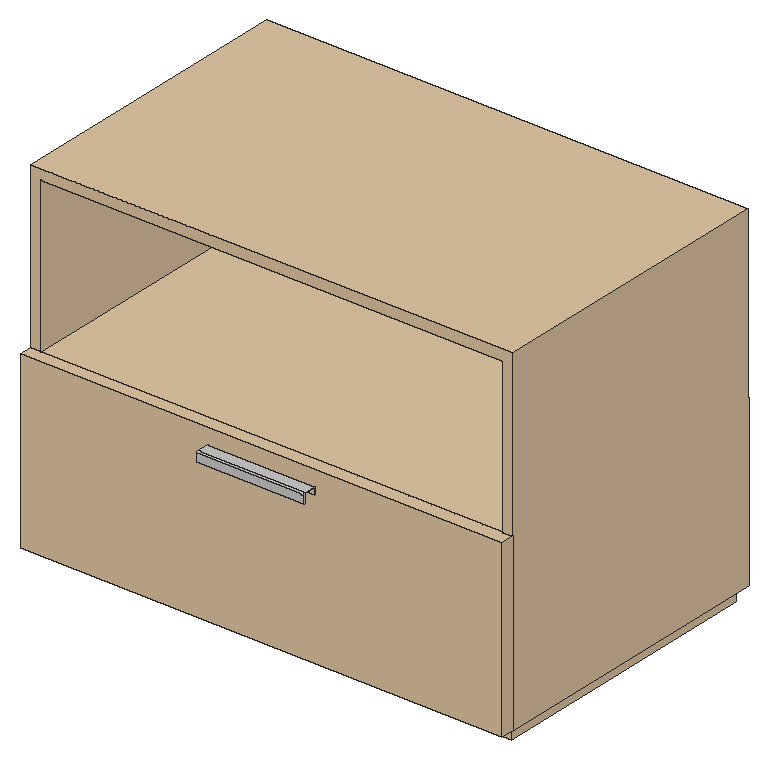
Revit family
Parameters (values of type "2 High - 36" x 24"")
  Width = 36"
  Warranty = "www.haworth.com/en-us/Products/Pages/Certifications.aspx"
  URL - Product = "www.haworth.com/en-us/Products/Furniture/Systems/Panel-Systems/Pages/Compose.aspx"
  Top Spacer = no
  Sustainability Info = "www.haworth.com/en-us/About-Us/Sustainability/Pages/Vision.aspx"
  Spacer Finish = Haworth - Wood - Light Maple VP-LM
  Side Panel Base = not(or(Plynth Base, Chamfer Legs))  # yes
  Plynth Base = no
  Patterns Pull = not(or(Linear Pull, J Pull, Crescent Pull, Classic Pull))  # yes
  Model = "Compose"
  Min. Depth = 17"  # constant formula
  Max. Depth = 23"  # constant formula
  Linear Pull = no
  LEED Data = "www.haworth.com/_layouts/Haworth.ProductCatalog/Handlers/GetAsset.ashx/ComposeLEEDContributions.pdf?cid=27&rid=1824&type=Leed"
  J Pull = no
  Door Finish = Haworth - Wood - Light Maple VP-LM
  Description = "Compose Open Shelf Lateral File"  # constant formula
  Depth = 24"
  URL = "www.haworth.com"
  Size = "Verify Final Dim. w/ Haworth"  # constant formula
  Revision Number = "2"  # constant formula
  Min. Width = 30"  # constant formula
  Max. Width = 36"  # constant formula
  Min. Height = 19"  # constant formula
  Max. Height = 55"  # constant formula
  Manufacturer = "Haworth"  # constant formula
  Drawer Width = Actual Width  # 36"
  Drawer Height = 13"  # constant formula
  Custom Size = not(and(or(Width = 30", Width = 36"), or(Depth = 17", Depth = 23")))  # yes
  Crescent Pull = no
  Classic Pull = no
  Chamfer Legs = no
  Spacer Height = if(Top Spacer, 1 1/4", 0")  # 0"
  Cabinet Finish = Haworth - Wood - Light Maple VP-LM
  Base Height = if(Side Panel Base, 1", 1 1/4")  # 1"
  Base Finish = Haworth - Wood - Light Maple VP-LM
  Base = not(Chamfer Legs)  # yes
  Author = "SHAPE Environments, LLC"  # constant formula
  Assembly Code = "E2020200"
  Actual Width = if(Width > Max. Width, Max. Width, if(Width < Min. Width, Min. Width, Width))  # 36"
  Actual Height = if(Top Spacer, 26 1/4" + 1 1/4", 26 1/4")  # 26 1/4"
  Standard Widths = "30, 36 in."  # constant formula
  Standard Depths = "18, 24 in."  # constant formula
  Actual Depth = if(Depth > Max. Depth, Max. Depth, if(Depth < Min. Depth, Min. Depth, Depth - 1"))  # 23"
Types (4): name | Width | Depth | Drawer Width | Actual Width | Actual Depth
  2 High - 36" x 24" | 36" | 24" | 36" | 36" | 23"
  2 High - 36" x 18" | 36" | 18" | 36" | 36" | 17"
  2 High - 30" x 24" | 30" | 24" | 30" | 30" | 23"
  2 High - 30" x 18" | 30" | 18" | 30" | 30" | 17"
Reference planes (in)
  plane 1 "Center F/B": y = 2.5
  plane 2 "Unit Bottom": z = 1
  plane 3 "Center L/R": x = 0.00055
  plane 4 "Unit Top": z = 26.25
  plane 5 "Base Bottom": z = 0
  plane 6 "Unit Left Edge": x = -17.99945
  plane 7 "Right": x = 18.00055
  plane 8 "Base Right Edge": x = 17.50055
  plane 9 "Left": x = -17.49945
  plane 10 "Base Rear Edge": y = 13
  plane 11 "Back": y = 13.5
  plane 12 "Base Front Edge": y = -8
  plane 13 "Face of Cabinet": y = -8.5
  plane 14 "Left Interior": x = -17.24918
  plane 15 "Right Interior": x = 17.25027
  plane 16 "Back Panel Inside": y = 12.75
  plane 17 "Cabinet Interior Top": z = 25.5
  plane 18 "Cabinet Interior Bottom": z = 1.75
  plane 19: z = 26.25
  plane 20: y = -9.5
Forms (in)
  Extrusion 1, solid, material "Haworth - Wood - Light Maple VP-LM" <- "Base Finish", visible <- "Base"
    sketch origin (0, 0, 0) x (1, 0, 0) y (0, 1, 0)
      loop
        line (17.50055, 13) -> (-17.49945, 13) -> (-17.49945, -8) -> (17.50055, -8) -> (17.50055, 13)
    from 0 to 1
  Extrusion 2, solid, material "Haworth - Wood - Light Maple VP-LM" <- "Cabinet Finish"
    sketch origin (0, 0, 0) x (1, 0, 0) y (0, 1, 0)
      loop
        line (-17.24918, 13.5) -> (-17.24918, 12.75) -> (17.25027, 12.75) -> (17.25027, 13.5) -> (-17.24918, 13.5)
    from 1.75 to 25.5
  Extrusion 3, solid, material "Haworth - Wood - Light Maple VP-LM" <- "Cabinet Finish"
    sketch origin (0, 13.5, 0) x (1, 0, 0) y (0, 0, 1)
      loop
        line (-17.99945, 26.25) -> (-17.99945, 1) -> (18, 1) -> (18, 26.25) -> (-17.99945, 26.25)
      loop
        line (-17.24945, 25.5) -> (-17.24945, 1.75) -> (17.24945, 1.75) -> (17.24945, 25.5) -> (-17.24945, 25.5)
    from 0 to 22
  Extrusion 4, solid, material "Haworth - Wood - Light Maple VP-LM" <- "Spacer Finish", visible <- "Top Spacer"
    sketch origin (-14.065, -180, 26.25) x (-1, 0, 0) y (0, -1, 0)
      loop
        line (-31.56555, -193) -> (3.43445, -193) -> (3.43445, -172) -> (-31.56555, -172) -> (-31.56555, -193)
    from 0 to 1.25
Lines and regions (in)
  Masking region 1
    outline origin (0, 0, 0) x (1, 0, 0) y (0, 1, 0)
      loop
        line (-17.99945, 13.5) -> (-17.99945, -9.5) -> (18.00055, -9.5) -> (18.00055, 13.5) -> (-17.99945, 13.5)
  symbolic lines, style "Haworth"
    curve 1: line (18.00055, -8.5, 0) -> (-17.99945, -8.5, 0)
Dimensions and locks (in)
  equal spacing: plane 6 "Unit Left Edge", plane 3 "Center L/R", plane 7 "Right"
  "Actual Width": plane 6 "Unit Left Edge" to plane 7 "Right"
  equal spacing: plane 13 "Face of Cabinet", plane 1 "Center F/B", plane 11 "Back"
  "Actual Height": plane 19 to level
  Extrusion 3 to plane 7 "Right" = 0.75109"
  locked: plane 6 "Unit Left Edge" to Extrusion 3 at 0.75
  locked: plane 6 "Unit Left Edge" to plane 9 "Left" at 0.5
  locked: plane 8 "Base Right Edge" to plane 7 "Right" at 0.5
  locked: plane 13 "Face of Cabinet" to plane 12 "Base Front Edge" at 0.5
  locked: plane 6 "Unit Left Edge" to plane 14 "Left Interior" at 0.75027
  locked: plane 15 "Right Interior" to plane 7 "Right" at 0.75027
  locked: plane 18 "Cabinet Interior Bottom" to plane 2 "Unit Bottom" at 0.75
  locked: plane 11 "Back" to plane 16 "Back Panel Inside" at 0.75
  locked: plane 10 "Base Rear Edge" to plane 11 "Back" at 0.5
  "Base Height": plane 2 "Unit Bottom" to level
  "Spacer Height": plane 19 to plane 4 "Unit Top"
  locked: plane 4 "Unit Top" to plane 17 "Cabinet Interior Top" at 0.75
  "Drawer Height": nested 2 to plane 2 "Unit Bottom"
  "Actual Depth": plane 20 to plane 11 "Back"
  locked: plane 20 to plane 13 "Face of Cabinet" at 1
  aligned: Extrusion 1 to level
  aligned: plane 4 "Unit Top" to Extrusion 3  (x3)
  aligned: level to Extrusion 1
  aligned: Extrusion 2 to Extrusion 3  (x4)
  aligned: Extrusion 3 to plane 11 "Back"  (x2)
  aligned and locked: Extrusion 2 to plane 11 "Back"  (x2)
  aligned and locked: Extrusion 1 to plane 10 "Base Rear Edge"
  aligned and locked: plane 9 "Left" to Extrusion 1
  aligned and locked: plane 8 "Base Right Edge" to Extrusion 1
  aligned: plane 7 "Right" to Extrusion 3
  aligned: plane 6 "Unit Left Edge" to Extrusion 3
  aligned: plane 13 "Face of Cabinet" to Extrusion 3  (x2)
  aligned and locked: plane 12 "Base Front Edge" to Extrusion 1
  aligned: plane 2 "Unit Bottom" to Extrusion 3
  aligned: Extrusion 1 to plane 5 "Base Bottom"  (x2)
  aligned: plane 2 "Unit Bottom" to Extrusion 1  (x2)
  aligned and locked: plane 15 "Right Interior" to Extrusion 2
  aligned and locked: plane 14 "Left Interior" to Extrusion 2
  aligned: nested 1 to plane 13 "Face of Cabinet"
  aligned: plane 3 "Center L/R" to nested 1  (x2)
  aligned: Extrusion 3 to plane 2 "Unit Bottom"
  aligned and locked: plane 16 "Back Panel Inside" to Extrusion 2
  aligned: plane 17 "Cabinet Interior Top" to Extrusion 3
  aligned: plane 18 "Cabinet Interior Bottom" to Extrusion 3
  aligned and locked: plane 16 "Back Panel Inside" to nested 2
  aligned and locked: nested 2 to plane 13 "Face of Cabinet"
  aligned and locked: plane 13 "Face of Cabinet" to nested 2
  aligned and locked: level to plane 5 "Base Bottom"
  aligned: plane 4 "Unit Top" to nested 1  (x2)
  aligned and locked: nested 2 to plane 14 "Left Interior"
  aligned and locked: nested 2 to plane 15 "Right Interior"
  aligned and locked: nested 1 to plane 13 "Face of Cabinet"
  aligned: plane 17 "Cabinet Interior Top" to nested 1
  aligned and locked: plane 17 "Cabinet Interior Top" to Extrusion 3 sketch curve
  aligned and locked: plane 17 "Cabinet Interior Top" to Extrusion 2
  aligned and locked: plane 2 "Unit Bottom" to Extrusion 1
  aligned and locked: Extrusion 2 to plane 18 "Cabinet Interior Bottom"
  aligned and locked: Masking region 1 sketch curve to Extrusion 3  (x2)
  aligned and locked: plane 13 "Face of Cabinet" to Extrusion 3
  aligned and locked: plane 13 "Face of Cabinet" to nested 4
  aligned and locked: plane 6 "Unit Left Edge" to nested 4
  aligned and locked: plane 7 "Right" to nested 6
  aligned and locked: nested 6 to plane 13 "Face of Cabinet"
  aligned and locked: nested 3 to plane 6 "Unit Left Edge"
  aligned and locked: nested 5 to plane 7 "Right"
  aligned and locked: plane 11 "Back" to nested 3
  aligned and locked: nested 5 to plane 11 "Back"
  aligned and locked: plane 3 "Center L/R" to nested 1
  aligned and locked: plane 2 "Unit Bottom" to nested 1
  aligned and locked: curve 1 to plane 13 "Face of Cabinet"
  aligned and locked: Masking region 1 sketch curve to plane 20
Automatic sketch dimensions
  Extrusion 1 sketch curve to plane 9 "Left" = 0"
  Extrusion 1 sketch curve to plane 8 "Base Right Edge" = 0"
  plane 12 "Base Front Edge" to Extrusion 1 sketch curve = 0"
  plane 10 "Base Rear Edge" to Extrusion 1 sketch curve = 0"
  Extrusion 2 sketch curve to plane 14 "Left Interior" = 0"
  plane 11 "Back" to Extrusion 2 sketch curve = 0"
  Extrusion 2 sketch curve to plane 15 "Right Interior" = 0"
  Extrusion 2 sketch curve to plane 16 "Back Panel Inside" = 0"
  Extrusion 3 sketch curve to plane 2 "Unit Bottom" = 0"
  Extrusion 3 sketch curve to plane 6 "Unit Left Edge" = 0"
  Extrusion 3 sketch curve to plane 18 "Cabinet Interior Bottom" = 0"
  plane 4 "Unit Top" to Extrusion 3 sketch curve = 0"
  plane 14 "Left Interior" to Extrusion 3 sketch curve = 0.00027"
  plane 15 "Right Interior" to Extrusion 3 sketch curve = 0.00082"
  Extrusion 3 sketch curve to plane 7 "Right" = 0.00055"
  Extrusion 4 sketch curve to plane 8 "Base Right Edge" = 0"
  Extrusion 4 sketch curve to plane 9 "Left" = 0"
  plane 10 "Base Rear Edge" to Extrusion 4 sketch curve = 0"
  plane 12 "Base Front Edge" to Extrusion 4 sketch curve = 0"
  Masking region 1 sketch curve to plane 7 "Right" = 0"
  curve 1 to plane 6 "Unit Left Edge" = 0"
  curve 1 to plane 7 "Right" = 0"
Nested families (in)
  nested 1: "Haworth_Drawer" at (0.00055, -8.5, 1), Drawer Height <- "Drawer Height", type "Haworth_Drawer"
    with J Pull Drawer no, Drawer Height 13", Drawer Depth 1"
  nested 2: "Haworth_Shelf" at (-8.24945, -2.125, 13.25), type "Haworth_Shelf"
    with Shelf Width 34.49945", Shelf Thickness 3/4", Shelf Depth 21 1/4"
  nested 3: "Haworth_Feet" at (-17.06195, 13.5, 0), visible <- "Chamfer Legs", type "Haworth_Feet"
  nested 4: "Haworth_Feet" at (-17.06195, -8.5, 0), visible <- "Chamfer Legs", type "Haworth_Feet"
  nested 5: "Haworth_Feet" at (17.06305, 13.5, 0) x (-1, 0, 0) z (0, 0, 1), visible <- "Chamfer Legs", type "Haworth_Feet"
  nested 6: "Haworth_Feet" at (17.06305, -8.5, 0) x (-1, 0, 0) z (0, 0, 1), visible <- "Chamfer Legs", type "Haworth_Feet"
Definition of nested family "Haworth_Drawer"
  Parameters (values of type "Haworth_Drawer")
    Pull Taper = no
    Pull Radius = no
    Pull Patterns = yes
    Pull Linear = no
    Pull Height = 1 7/16"
    Pull Finish = Haworth - Metal - Satin Nickel
    Pull Ellipse = no
    Pull Crescent = no
    Pull Classic = no
    J Pull Drawer [instance] = J Pull  # no
    J Pull = no
    Integral Pull Location = if(Integral Pull, 3 5/8", 1")  # 1"
    Integral Pull = no
    Front Finish = Haworth - Wood - Light Maple VP-LM
    Drawer Width = 36"
    Flush Drawer = not(J Pull)  # yes
    Drawer Height [instance] = 12"
    Drawer Finish = Haworth - Wood - Light Maple VP-LM
    Drawer Depth = 3/4"
    Assembly Code = ""
  Reference planes (in)
    plane 1 "Drawer Back": y = 0
    plane 2: z = 0
    plane 3 "Center L/R": x = 0
    plane 4 "Drawer Front": y = -0.75
    plane 5 "Left": x = -18
    plane 6 "Right": x = 18
    plane 7 "Top": z = 12
    plane 8: y = -4
    plane 9: y = -3
    plane 10 "Integral Top": z = 10.28125
    plane 11 "Pull Location": z = 10.5625
    plane 12 "Integral Bottom": z = 10.84375
  Forms (in)
    Extrusion 1, solid, material "Haworth - Wood - Light Maple VP-LM" <- "Drawer Finish", visible <- "J Pull Drawer"
      sketch origin (-18, 0, 0) x (0, 1, 0) y (0, 0, 1)
        loop
          line (0, 12) -> (-0.25, 12) -> (-0.25, 11.4375) -> (-0.75, 11.4375) -> (-0.75, 0) -> (0, 0) -> (0, 12)
      from 0 to 36
    Extrusion 2, solid, material "Haworth - Wood - Light Maple VP-LM" <- "Drawer Finish", visible <- "Flush Drawer"
      sketch origin (-18, 0, 2.25) x (0, 1, 0) y (0, 0, 1)
        loop
          line (0, 9.75) -> (-0.75, 9.75) -> (-0.75, -2.25) -> (0, -2.25) -> (0, 9.75)
      from 0 to 36
    Extrusion 3, void
      sketch origin (0, -0.75, 0) x (-1, 0, 0) y (0, 0, 1)
        loop
          line (4, 10.28125) -> (4, 10.84375) -> (-4, 10.84375) -> (-4, 10.28125) -> (4, 10.28125)
      from -3.25 to -2.25
  Cuts and joins
    Extrusion 3 cuts Extrusion 1
    Extrusion 3 cuts Extrusion 2
  Dimensions and locks (in)
    equal spacing: plane 5 "Left", plane 3 "Center L/R", plane 6 "Right"
    "Drawer Width": plane 5 "Left" to plane 6 "Right"
    "Drawer Depth": plane 1 "Drawer Back" to plane 4 "Drawer Front"
    "Drawer Height": plane 7 "Top" to level
    locked: plane 8 to plane 1 "Drawer Back" at 4
    "Integral Pull Location": plane 8 to plane 9
    equal spacing: Extrusion 3 sketch curve, plane 3 "Center L/R", Extrusion 3 sketch curve
    locked: Extrusion 3 sketch curve to Extrusion 3 sketch curve at 8
    "Pull Height": plane 7 "Top" to plane 11 "Pull Location"
    equal spacing: plane 12 "Integral Bottom", plane 11 "Pull Location", plane 10 "Integral Top"
    locked: plane 12 "Integral Bottom" to plane 10 "Integral Top" at 0.5625
    aligned and locked: Extrusion 1 sketch curve to plane 1 "Drawer Back"
    aligned and locked: Extrusion 1 sketch curve to plane 2
    aligned and locked: Extrusion 1 sketch curve to plane 4 "Drawer Front"
    aligned and locked: Extrusion 1 to plane 6 "Right"
    aligned and locked: Extrusion 2 to plane 6 "Right"
    aligned and locked: plane 1 "Drawer Back" to Extrusion 2 sketch curve
    aligned and locked: plane 7 "Top" to Extrusion 2 sketch curve
    aligned and locked: level to Extrusion 2 sketch curve
    aligned and locked: Extrusion 2 sketch curve to plane 4 "Drawer Front"
    aligned: plane 7 "Top" to nested 1
    aligned: Extrusion 3 to plane 8
    aligned: plane 9 to Extrusion 3
    aligned and locked: nested 1 to plane 4 "Drawer Front"
    aligned and locked: plane 12 "Integral Bottom" to Extrusion 3 sketch curve
    aligned and locked: nested 1 to plane 11 "Pull Location"
    aligned and locked: plane 3 "Center L/R" to nested 1
    aligned and locked: plane 9 to Extrusion 3
  Automatic sketch dimensions
    Extrusion 1 sketch curve to plane 7 "Top" = 0"
    plane 1 "Drawer Back" to Extrusion 1 sketch curve = 1/4"
    Extrusion 1 sketch curve to Extrusion 1 sketch curve = 9/16"
    Extrusion 3 sketch curve to plane 10 "Integral Top" = 0"
  Nested families (in)
    nested 1: "Haworth_Drawer-Pulls" at (0, -0.75, 10.5625), type "Pull"
      with Patterns yes, Linear no
  Definition of nested family "Haworth_Drawer-Pulls"
    Parameters (values of type "Pull")
      Taper = no
      Radius = no
      Patterns = no
      Linear = yes
      Handle Finish = Haworth - Metal - Satin Nickel
      Ellipse = no
      Cresent = no
      Classic = no
      Assembly Code = ""
    Reference planes (in)
      plane 1 "Center Front/Back": y = 0
      plane 2: z = 0
      plane 3 "Center Left/Right": x = 0
    Forms (in)
      Extrusion 1, solid, material "Haworth - Metal - Satin Nickel" <- "Handle Finish", visible <- "Ellipse"
        sketch origin (0, 0, 0.15915) x (0, 1, 0) y (0, 0, 1)
          loop
            arc (-0.03015, 0) -> (-0.26713, -0.02983) -> (-0.49038, -0.11475) r 1.00501
            arc (-0.49038, -0.11475) -> (-0.65216, -0.22112) -> (-0.78985, -0.35725) r 0.97894
            arc (-0.78985, -0.35725) -> (-0.87314, -0.47263) -> (-0.94033, -0.59807) r 1.0667
            arc (-0.94033, -0.59807) -> (-0.90977, -0.66145) -> (-0.84562, -0.63254) r 0.05041
            arc (-0.84562, -0.63254) -> (-0.67669, -0.39049) -> (-0.44702, -0.20509) r 1.04885
            arc (-0.44702, -0.20509) -> (-0.35012, -0.16094) -> (-0.24858, -0.12892) r 0.8735
            arc (-0.24858, -0.12892) -> (-0.16053, -0.15188) -> (-0.11419, -0.23018) r 0.11948
            arc (-0.11419, -0.23018) -> (-0.0664, -0.27738) -> (0, -0.26729) r 0.07488
            line (0, -0.26729) -> (0, -0.05102) -> (-0.03015, 0)
        from -6.51863 to 6.51698
      Extrusion 2, void
        sketch origin (0, 0, 0.15915) x (1, 0, 0) y (0, 1, 0)
          loop
            line (-6.49996, 0) -> (-6.67266, 0) -> (-6.67266, -1.11616) -> (6.67266, -1.11616) -> (6.67266, 0) -> (6.49996, 0)
            arc (6.49996, 0) -> (6.46575, -0.17809) -> (6.37201, -0.33332) r 0.51574
            arc (6.37201, -0.33332) -> (6.23583, -0.44508) -> (6.07096, -0.50713) r 0.54076
            arc (6.07096, -0.50713) -> (4.5721, -0.7479) -> (3.05951, -0.87689) r 20.46435
            arc (3.05951, -0.87689) -> (0, -0.95029) -> (-3.05951, -0.87689) r 63.79827
            arc (-3.05951, -0.87689) -> (-4.5721, -0.7479) -> (-6.07096, -0.50713) r 20.46435
            arc (-6.07096, -0.50713) -> (-6.23583, -0.44508) -> (-6.37201, -0.33332) r 0.54076
            arc (-6.37201, -0.33332) -> (-6.46575, -0.17809) -> (-6.49996, 0) r 0.51574
        from 0 to -0.90865
      Blend 3, solid, material "Haworth - Metal - Satin Nickel" <- "Handle Finish", visible <- "Radius"
        base sketch origin (0, 0, 0.3125) x (0, 1, 0) y (0, 0, -1)
          loop
            line (0, 0) -> (0, 0.625) -> (-0.40339, 0.625)
            arc (-0.40339, 0.625) -> (-0.71589, 0.3125) -> (-0.40339, 0) r 0.3125
            line (-0.40339, 0) -> (0, 0)
        top sketch origin (0, 0, 0.3125) x (0, 1, 0) y (0, 0, -1)
          loop
            line (0, 0) -> (0, 0.625) -> (-0.77884, 0.625)
            arc (-0.77884, 0.625) -> (-1.09134, 0.3125) -> (-0.77884, 0) r 0.3125
            line (-0.77884, 0) -> (0, 0)
        from -4.875 to -3.625
      Sweep 4, solid, material "Haworth - Metal - Satin Nickel" <- "Handle Finish", visible <- "Radius"
        path origin (0, 0, 0) x (1, 0, 0) y (0, 1, 0)
          loop
            arc (-4.875, -0.71589) -> (0, -1.5425) -> (4.875, -0.71589) r 14.78881
        profile origin (0, -1.5425, 0) x (0, 1, 0) y (0, 0, 1)
          loop
            circle (0.3125, 0) r 0.30469
      Extrusion 5, solid, material "Haworth - Metal - Satin Nickel" <- "Handle Finish", visible <- "Taper"
        sketch origin (0, 0, 0.27281) x (0, 1, 0) y (0, 0, 1)
          loop
            line (0, 0) -> (-0.875, 0)
            arc (-0.875, 0) -> (-0.96339, -0.03661) -> (-1, -0.125) r 0.125
            line (-1, -0.125) -> (-1, -0.7) -> (-0.96886, -0.7) -> (-0.96886, -0.1251)
            arc (-0.96886, -0.1251) -> (-0.94137, -0.05874) -> (-0.875, -0.03125) r 0.09386
            line (-0.875, -0.03125) -> (-0.03125, -0.03125) -> (-0.03125, -0.53) -> (0, -0.53) -> (0, 0)
        from -6.5565 to 6.5565
      Extrusion 6, void
        sketch origin (0, 0, 0.27281) x (1, 0, 0) y (0, 0, 1)
          loop
            arc (-5.23353, -0.7191) -> (-5.99714, -0.52453) -> (-6.57454, 0.01172) r 1.59575
            line (-6.57454, 0.01172) -> (-6.85981, 0.01172) -> (-6.85981, -1) -> (6.85981, -1) -> (6.85981, 0.01172) -> (6.57454, 0.01172)
            arc (6.57454, 0.01172) -> (5.99714, -0.52453) -> (5.23353, -0.7191) r 1.59575
            line (5.23353, -0.7191) -> (-5.23353, -0.7191)
        from 0 to 2.20115
      Sweep 7, solid, material "Haworth - Metal - Satin Nickel" <- "Handle Finish", visible <- "Cresent"
        path origin (0, 0, 0.125) x (1, 0, 0) y (0, 1, 0)
          loop
            arc (-3.80272, 0.04) -> (0, -1.24998) -> (3.80273, 0.04) r 6.25
        profile origin (0, -1.24998, 0.125) x (0, 1, 0) y (0, 0, 1)
          loop
            circle (0.125, -0.125) r 0.125
      Extrusion 8, void
        sketch origin (0, 0, 0.125) x (1, 0, 0) y (0, 1, 0)
          loop
            line (-3.94545, 0) -> (3.94399, 0) -> (3.94399, 0.32073) -> (-3.94545, 0.32073) -> (-3.94545, 0)
        from 0.03472 to -0.28458
      Extrusion 9, solid, material "Haworth - Metal - Satin Nickel" <- "Handle Finish", visible <- "Linear"
        sketch origin (0, 0, 0.125) x (1, 0, 0) y (0, 1, 0)
          loop
            line (-4, 0) -> (-4, -1.25) -> (4, -1.25) -> (4, 0) -> (3, 0) -> (3, -1) -> (-3, -1) -> (-3, 0) -> (-4, 0)
        from 0 to -0.25
      Extrusion 10, solid, material "Haworth - Metal - Satin Nickel" <- "Handle Finish", visible <- "Classic"
        sketch origin (0, 0, 0.375) x (1, 0, 0) y (0, 0, 1)
          loop
            line (-3.375, 0) -> (-3.375, -0.75)
            arc (-3.375, -0.75) -> (-3, -0.375) -> (-3.375, 0) r 0.375
        from 0 to 1
      Extrusion 11, solid, material "Haworth - Metal - Satin Nickel" <- "Handle Finish", visible <- "Classic"
        sketch origin (0, 0, 0.375) x (-1, 0, 0) y (0, 0, -1)
          loop
            arc (-3.375, 0) -> (-3, 0.375) -> (-3.375, 0.75) r 0.375
            line (-3.375, 0.75) -> (-3.375, 0)
        from 0 to 1
      Extrusion 12, solid, material "Haworth - Metal - Satin Nickel" <- "Handle Finish", visible <- "Classic"
        sketch origin (0, 0, 0.375) x (1, 0, 0) y (0, 0, 1)
          loop
            line (-3.375, 0) -> (-3.375, -0.75) -> (3.375, -0.75) -> (3.375, 0) -> (-3.375, 0)
        from 1 to 1.25
      Blend 13, solid, material "Haworth - Metal - Satin Nickel" <- "Handle Finish", visible <- "Radius"
        base sketch origin (0, 0, 0.3125) x (0, 1, 0) y (0, 0, 1)
          loop
            line (0, 0) -> (-0.40339, 0)
            arc (-0.40339, 0) -> (-0.71589, -0.3125) -> (-0.40339, -0.625) r 0.3125
            line (-0.40339, -0.625) -> (0, -0.625) -> (0, 0)
        top sketch origin (0, 0, 0.3125) x (0, 1, 0) y (0, 0, 1)
          loop
            line (0, 0) -> (-0.77884, 0)
            arc (-0.77884, 0) -> (-1.09134, -0.3125) -> (-0.77884, -0.625) r 0.3125
            line (-0.77884, -0.625) -> (0, -0.625) -> (0, 0)
        from -4.875 to -3.625
      Extrusion 14, solid, material "Haworth - Metal - Satin Nickel" <- "Handle Finish", visible <- "Patterns"
        sketch origin (0, 0, 0.27281) x (0, 1, 0) y (0, 0, 1)
          loop
            line (0, 0) -> (-0.875, 0)
            arc (-0.875, 0) -> (-0.96339, -0.03661) -> (-1, -0.125) r 0.125
            line (-1, -0.125) -> (-1, -0.7) -> (-0.96886, -0.7) -> (-0.96886, -0.1251)
            arc (-0.96886, -0.1251) -> (-0.94137, -0.05874) -> (-0.875, -0.03125) r 0.09386
            line (-0.875, -0.03125) -> (-0.03125, -0.03125) -> (-0.03125, -0.53) -> (0, -0.53) -> (0, 0)
        from -4 to 4
    Cuts and joins
      Extrusion 2 cuts Extrusion 1
      joined: Extrusion 10, Extrusion 11, Extrusion 12
      Extrusion 6 cuts Extrusion 5
      Extrusion 8 cuts Sweep 7
      joined: Blend 3, Sweep 4, Blend 13
Definition of nested family "Haworth_Shelf"
  Parameters (values of type "Haworth_Shelf")
    Width = 0"
    Warranty = ""
    URL - Product = ""
    URL = "www.haworth.com"
    Sustainability Info = ""
    Size = "Verify Final Dim. w/ Haworth"  # constant formula
    Shelf Thickness [instance] = 3/4"
    Shelf Finish = none
    Revision Number = ""
    Shelf Width [instance] = 12"
    Shelf Depth [instance] = 12"
    OmniClass Number = ""
    Min/Max Width = ""
    Min/Max Height = ""
    Min. Width = 0"
    Max. Width = 0"
    Min. Height = 0"
    Max. Height = 0"
    Material Options = ""
    Manufacturer = "Haworth"  # constant formula
    LEED Data = ""
    Height = 0"
    Author = "SHAPE Environments, LLC"  # constant formula
    Assembly Code = ""
    Actual Width = 0"
    Actual Height = 0"
  Reference planes (in)
    plane 1 "Center F/B": y = 4.25
    plane 2: z = 0
    plane 3 "Center L/R": x = 8.25
    plane 4 "Panel Left": x = 2.25
    plane 5 "Panel Right": x = 14.25
    plane 6 "Panel Back": y = 10.25
    plane 7 "Panel Front": y = -1.75
    plane 8 "Panel Top": z = 0.75
  Forms (in)
    Extrusion 1, solid, material <- "Shelf Finish"
      sketch origin (0, 0, 0) x (1, 0, 0) y (0, 1, 0)
        loop
          line (2.25, 10.25) -> (2.25, -1.75) -> (14.25, -1.75) -> (14.25, 10.25) -> (2.25, 10.25)
      from 0 to 0.75
  Dimensions and locks (in)
    equal spacing: plane 6 "Panel Back", plane 1 "Center F/B", plane 7 "Panel Front"
    "Shelf Depth": plane 6 "Panel Back" to plane 7 "Panel Front"
    equal spacing: plane 4 "Panel Left", plane 3 "Center L/R", plane 5 "Panel Right"
    "Shelf Width": plane 4 "Panel Left" to plane 5 "Panel Right"
    "Shelf Thickness": plane 8 "Panel Top" to level
    aligned and locked: plane 4 "Panel Left" to Extrusion 1 sketch curve
    aligned and locked: Extrusion 1 sketch curve to plane 6 "Panel Back"
    aligned and locked: plane 7 "Panel Front" to Extrusion 1 sketch curve
    aligned and locked: Extrusion 1 sketch curve to plane 5 "Panel Right"
    aligned and locked: plane 8 "Panel Top" to Extrusion 1
Definition of nested family "Haworth_Feet"
  Parameters (values of type "Haworth_Feet")
    URL = "www.haworth.com"
    Sustainability Info = ""
    Material Options = ""
    Manufacturer = "Haworth"  # constant formula
    LEED Data = ""
    Foot Height = 1"
    Foot Finish = Haworth - Metallic Paint - Champagne
    Author = "SHAPE Environments, LLC"  # constant formula
    Assembly Code = ""
  Reference planes (in)
    plane 1 "Center F/B": y = 0
    plane 2: z = 0
    plane 3 "Center L/R": x = 0
    plane 4: z = 1
  Forms (in)
    Extrusion 1, solid, material "Haworth - Metallic Paint - Champagne" <- "Foot Finish"
      sketch origin (-0.14373, 0, 0) x (0, 1, 0) y (0, 0, 1)
        loop
          line (-1.29167, 0.25) -> (-1.25, 0) -> (0, 0) -> (0, 1) -> (-3.75, 1) -> (-3.75, 0.5) -> (-1.54167, 0.5)
          arc (-1.54167, 0.5) -> (-1.36489, 0.42678) -> (-1.29167, 0.25) r 0.25
      from -0.79377 to 1.08123
  Dimensions and locks (in)
    "Foot Height": plane 4 to level
    plane 1 "Center F/B" to Extrusion 1 sketch curve = 3 3/4"
    locked: level to Extrusion 1 sketch curve (angle 80.5377°)
  Automatic sketch dimensions
    Extrusion 1 sketch curve to level = 0"
    Extrusion 1 sketch curve to plane 1 "Center F/B" = 0"
    plane 1 "Center F/B" to Extrusion 1 sketch curve = 1 1/4"
    Extrusion 1 sketch curve to Extrusion 1 sketch curve = 1/4"
    plane 4 to Extrusion 1 sketch curve = 0"
    plane 4 to Extrusion 1 sketch curve = 3/4"
